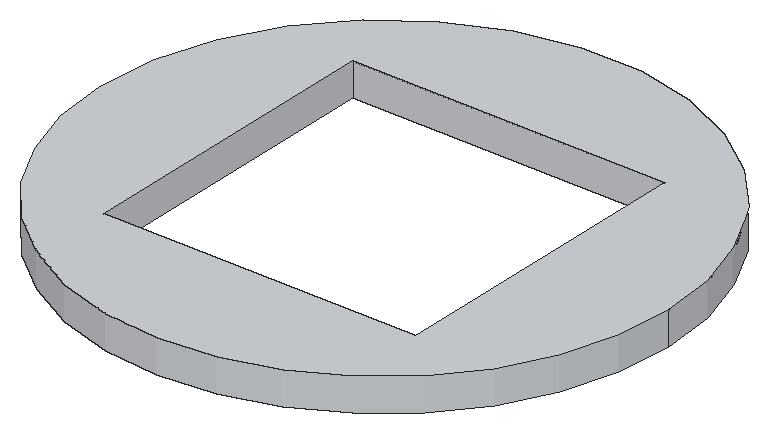
Revit family "Gira_0211130", category Electrical Fixtures, host Face, Revit 2017
Family settings
  Host = Face
  Maintain Annotation Orientation = No
  Round Connector Dimension = Use Diameter
  Part Type = Normal
  Cut with Voids When Loaded = No
  Shared = No
  Room Calculation Point = No
Parameters (values of type "Cov.fr. 1-g Gira Studio white gl.")
  URL = "http://katalog.gira.de/en/datenblatt.html?artikelnr=0211130"
  Transparent = "No"
  Name = "Cov.fr. 1-g Gira Studio white gl."
  Manufacturer URL = "https://www.gira.de/"
  Manufacturer = "Gira"
  Label space/information surface = "No"
  Keynote = ""
  HeinzeBIM = "https://bimportal.heinze.de/bim/cov-fr-1-g-gira-studio-white-gl-/8fd18026295874173df67c8256549fc7cb7396a5"
  HAN = "0211130"
  GTIN = "4010337045557"
  Description = "Cov.fr.1g Stud. GWh,Gira Studio cover frame,white glass,1-gang,Installation in standard device boxes, can be extended as required through installation in device boxes with spacer glands.,For surface-mounted installation: Gira Studio, housing, 1-gang, with cover frame, 1-gang, can be extended as required."
  Default Elevation = 1219.2 mm
  Data sheet (1) = "https://katalog.gira.de/en/download.html?artikelnr=0211130"
  Category = "Cover frame for domestic switching devices"
  BIM (2) = "https://media.stage.bim.site/public/gira/36a6b08/Studio_Rahmen_Tragplatte_1fach.rfa"
  BIM (1) = "https://media.stage.bim.site/public/gira/36a6b08/Studio_Rahmen_Abdeckplatte_1fach.rfa"
  Available = "No"
Reference planes
  plane 1 "Center (Front/Back)": y = 0
  plane 2: z = 0
  plane 3 "Center (Left/Right)": x = 0
Forms (mm)
  Extrusion 1, solid, detail levels fine
    sketch origin (0, 0, 0) x (1, 0, 0) y (0, 1, 0)
      loop
        circle (0, 0) r 51.5
      loop
        line (28.2, 28.2) -> (-28.2, 28.2) -> (-28.2, -28.2) -> (28.2, -28.2) -> (28.2, 28.2)
    from 0 to 6
  Extrusion 2, solid, detail levels medium
    sketch origin (0, 0, 0) x (1, 0, 0) y (0, 1, 0)
      loop
        circle (0, 0) r 51.5
    from 0 to 6
  Extrusion 3, solid, detail levels coarse
    sketch origin (0, 0, 0) x (1, 0, 0) y (0, 1, 0)
      loop
        line (51.5, 51.5) -> (-51.5, 51.5) -> (-51.5, -51.5) -> (51.5, -51.5) -> (51.5, 51.5)
    from 0 to 6
Dimensions and locks
  aligned and locked: plane 2 to host face
  aligned and locked: level to host face
